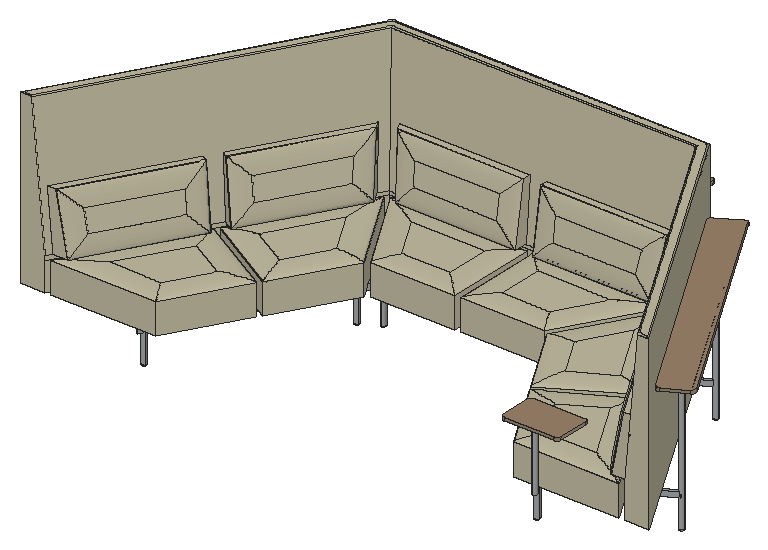
Revit family "Reveal High Back 980-173AST", category Furniture, Revit 2016
Family settings
  OmniClass Number = 23.40.20.00
  OmniClass Title = General Furniture and Specialties
  Work Plane-Based = No
  Always vertical = Yes
  Cut with Voids When Loaded = No
  Shared = No
  Room Calculation Point = No
Parameters
  URL = "http://www.martinbrattrud.com"
  Table Top [instance] = MB Wood Cherry
  SCS Certified Product = "Yes"
  Model = "Reveal 980-173AST"
  Manufacturer = "Martin Brattrud, Inc."
  Leg = none
  Keynote = "125000"
  Copyright = "© 2013 Martin Brattrud, Inc."
  Chair [instance] = none
  Back Cushion [instance] = none
  Authoring Version = "Revit Architecture 2010"
  Assembly Code = "E2020200"
Reference planes
  plane 1 "Center Front/Back": y = 0
  plane 2: z = 0
  plane 3 "Center Left/Right": x = 0
Forms (mm)
  Sweep 1, solid, material <- "Chair"
    path in 3D
      loop
        line (2035.136, -1442.448, 1365.25) -> (1013.827, 326.51, 1365.25) -> (-1013.827, 326.51, 1365.25) -> (-2035.136, -1442.448, 1365.25)
    profile origin (0, 326.51, 1365.25) x (0, -1, 0) y (0, 0, 1)
      loop
        line (-7.144, 6.35) -> (-56.78, 6.35)
        arc (-56.78, 6.35) -> (-61.27, 4.49) -> (-63.13, 0) r 6.35
        line (-63.13, 0) -> (-0.794, 0)
        arc (-0.794, 0) -> (-2.654, 4.49) -> (-7.144, 6.35) r 6.35
  Sweep 2, solid, material <- "Chair"
    path in 3D
      loop
        line (-19.05, -390.525, 431.8) -> (-19.05, 212.725, 431.8) -> (-926.137, 212.725, 431.8) -> (-577.85, -390.525, 431.8) -> (-19.05, -390.525, 431.8)
    profile origin (-298.45, -390.525, 431.8) x (0, 1, 0) y (0, 0, 1)
      loop
        line (153.194, 0) -> (153.194, 19.05)
        spline (153.194, 19.05) -> (133.302, 18.887) -> (113.75, 18.401) -> (94.873, 17.6) -> (76.994, 16.498) -> (60.419, 15.113) -> (45.431, 13.47) -> (32.287, 11.597) -> (21.211, 9.525) -> (12.395, 7.29) -> (5.987, 4.931) -> (2.098, 2.487) -> (0.794, 0)
        line (0.794, 0) -> (153.194, 0)
  Extrusion 3, void
    sketch origin (0, -938.609, 558.8) x (0, 1, 0) y (0, 0, 1)
      loop
        line (-471.831, 806.45) -> (-471.037, 806.45)
        arc (-471.037, 806.45) -> (-469.178, 810.94) -> (-464.687, 812.8) r 6.35
        line (-464.687, 812.8) -> (-464.687, 819.15) -> (-560.731, 819.15) -> (-560.731, -330.2) -> (-471.831, -330.2) -> (-471.831, 806.45)
    from -2133.6 to 2133.6
  Extrusion 4, solid, material <- "Leg"
    sketch origin (0, 0, 0) x (1, 0, 0) y (0, 1, 0)
      loop
        line (-603.25, 492.125) -> (-603.25, 146.05) -> (-909.639, 146.05) -> (-1062.833, -119.29) -> (-1362.543, 53.747) -> (-1372.068, 37.249) -> (-1072.358, -135.788) -> (-1656.558, -1147.652) -> (-1956.268, -974.615) -> (-1965.793, -991.113) -> (-1319.63, -1364.175) -> (-1333.917, -1388.922) -> (-1317.419, -1398.447) -> (-667.671, -273.05) -> (667.671, -273.05) -> (1335.829, -1430.333) -> (1352.327, -1420.808) -> (1319.63, -1364.175) -> (1965.793, -991.113) -> (1956.268, -974.615) -> (1656.558, -1147.652) -> (1072.358, -135.788) -> (1372.068, 37.249) -> (1362.543, 53.747) -> (1062.833, -119.29) -> (909.639, 146.05) -> (603.25, 146.05) -> (603.25, 492.125) -> (584.2, 492.125) -> (584.2, 146.05) -> (-584.2, 146.05) -> (-584.2, 492.125) -> (-603.25, 492.125)
      loop
        line (-584.2, -254) -> (-127, -254) -> (-127, 127) -> (-584.2, 127) -> (-584.2, -254)
      loop
        line (-603.25, -254) -> (-603.25, 127) -> (-898.64, 127) -> (-1046.335, -128.815) -> (-716.38, -319.315) -> (-678.67, -254) -> (-603.25, -254)
      loop
        line (-107.95, 127) -> (-107.95, -254) -> (107.95, -254) -> (107.95, 127) -> (-107.95, 127)
      loop
        line (584.2, -254) -> (584.2, 127) -> (127, 127) -> (127, -254) -> (584.2, -254)
      loop
        line (-725.905, -335.813) -> (-1055.86, -145.313) -> (-1284.46, -541.26) -> (-954.505, -731.76) -> (-725.905, -335.813)
      loop
        line (-1401.935, -744.733) -> (-1071.98, -935.233) -> (-964.03, -748.258) -> (-1293.985, -557.758) -> (-1401.935, -744.733)
      loop
        line (-1081.505, -951.731) -> (-1411.46, -761.231) -> (-1640.06, -1157.177) -> (-1310.105, -1347.677) -> (-1081.505, -951.731)
      loop
        line (603.25, -254) -> (678.67, -254) -> (716.38, -319.315) -> (1046.335, -128.815) -> (898.64, 127) -> (603.25, 127) -> (603.25, -254)
      loop
        line (725.905, -335.813) -> (954.505, -731.76) -> (1284.46, -541.26) -> (1055.86, -145.313) -> (725.905, -335.813)
      loop
        line (1401.935, -744.733) -> (1293.985, -557.758) -> (964.03, -748.258) -> (1071.98, -935.233) -> (1401.935, -744.733)
      loop
        line (1081.505, -951.731) -> (1310.105, -1347.677) -> (1640.06, -1157.177) -> (1411.46, -761.231) -> (1081.505, -951.731)
    from 190.472 to 228.6
  Extrusion 5, solid, material <- "Leg"
    sketch origin (0, 0, 0) x (1, 0, 0) y (0, 1, 0)
      loop
        line (-584.2, 276.225) -> (584.2, 276.225) -> (584.2, 352.425) -> (-584.2, 352.425) -> (-584.2, 276.225)
      loop
        line (-1769.293, -1082.565) -> (-1185.093, -70.701) -> (-1251.084, -32.601) -> (-1835.284, -1044.465) -> (-1769.293, -1082.565)
      loop
        line (1769.293, -1082.565) -> (1835.284, -1044.465) -> (1251.084, -32.601) -> (1185.093, -70.701) -> (1769.293, -1082.565)
    from 203.2 to 228.6
  Sweep 6, solid, material <- "Chair"
    path origin (0, 0, 0) x (1, 0, 0) y (0, 1, 0)
      loop
        line (2090.574, -1410.441) -> (1050.786, 390.525) -> (-1050.786, 390.525) -> (-2090.574, -1410.441)
    profile origin (0, 390.525, 0) x (0, -1, 0) y (0, 0, 1)
      loop
        line (0, 1365.25) -> (0, 228.6) -> (139.7, 228.6) -> (139.7, 419.466)
        arc (139.7, 419.466) -> (139.451, 431.792) -> (138.703, 444.098) r 304.8
        line (138.703, 444.098) -> (64.015, 1365.25) -> (0, 1365.25)
  Extrusion 7, solid, material <- "Chair"
    sketch origin (0, 0, 0) x (1, 0, 0) y (0, 1, 0)
      loop
        line (-1431.725, -624.881) -> (-1885.269, -1410.441) -> (-1188.696, -1410.441) -> (-909.296, -926.506) -> (-1431.725, -624.881)
      loop
        line (-610.846, -409.575) -> (-959.132, 193.675) -> (-1412.675, -591.885) -> (-890.246, -893.51) -> (-610.846, -409.575)
      loop
        line (-926.137, 212.725) -> (-577.85, -390.525) -> (-19.05, -390.525) -> (-19.05, 212.725) -> (-926.137, 212.725)
      loop
        line (1431.725, -624.881) -> (909.296, -926.506) -> (1188.696, -1410.441) -> (1885.269, -1410.441) -> (1431.725, -624.881)
      loop
        line (610.846, -409.575) -> (890.246, -893.51) -> (1412.675, -591.885) -> (959.132, 193.675) -> (610.846, -409.575)
      loop
        line (926.137, 212.725) -> (19.05, 212.725) -> (19.05, -390.525) -> (577.85, -390.525) -> (926.137, 212.725)
    from 228.6 to 431.8
  Extrusion 8, solid, material <- "Chair"
    sketch origin (0, 0, 0) x (1, 0, 0) y (0, 1, 0)
      loop
        line (-660.797, 59.531) -> (-489.404, -237.331) -> (-172.244, -237.331) -> (-172.244, 59.531) -> (-660.797, 59.531)
    from 431.8 to 450.85
  Sweep 9, solid, material <- "Chair"
    path in 3D
      loop
        line (19.05, -390.525, 431.8) -> (19.05, 212.725, 431.8) -> (926.137, 212.725, 431.8) -> (577.85, -390.525, 431.8) -> (19.05, -390.525, 431.8)
    profile origin (298.45, -390.525, 431.8) x (0, -1, 0) y (0, 0, 1)
      loop
        line (-153.194, 0) -> (-0.794, 0)
        spline (-0.794, 0) -> (-2.098, 2.487) -> (-5.987, 4.931) -> (-12.395, 7.29) -> (-21.211, 9.525) -> (-32.287, 11.597) -> (-45.431, 13.47) -> (-60.419, 15.113) -> (-76.994, 16.498) -> (-94.873, 17.6) -> (-113.75, 18.401) -> (-133.302, 18.887) -> (-153.194, 19.05)
        line (-153.194, 19.05) -> (-153.194, 0)
  Extrusion 10, solid, material <- "Chair"
    sketch origin (0, 0, 0) x (-1, 0, 0) y (0, -1, 0)
      loop
        line (-660.797, -59.531) -> (-172.244, -59.531) -> (-172.244, 237.331) -> (-489.404, 237.331) -> (-660.797, -59.531)
    from 431.8 to 450.85
  Sweep 11, solid, material <- "Chair"
    path in 3D
      loop
        line (-909.296, -926.506, 431.8) -> (-1431.725, -624.881, 431.8) -> (-1885.269, -1410.441, 431.8) -> (-1188.696, -1410.441, 431.8) -> (-909.296, -926.506, 431.8)
    profile origin (-1048.996, -1168.473, 431.8) x (-0.866025, 0.5, 0) y (0, 0, 1)
      loop
        line (153.194, 0) -> (153.194, 19.05)
        spline (153.194, 19.05) -> (133.302, 18.887) -> (113.75, 18.401) -> (94.873, 17.6) -> (76.994, 16.498) -> (60.419, 15.113) -> (45.431, 13.47) -> (32.287, 11.597) -> (21.211, 9.525) -> (12.395, 7.29) -> (5.987, 4.931) -> (2.098, 2.487) -> (0.794, 0)
        line (0.794, 0) -> (153.194, 0)
  Extrusion 12, solid, material <- "Chair"
    sketch origin (-1237.975, -714.745, 0) x (0.5, 0.866025, 0) y (-0.866025, 0.5, 0)
      loop
        line (-660.797, 59.531) -> (-489.404, -237.331) -> (-172.244, -237.331) -> (-172.244, 59.531) -> (-660.797, 59.531)
    from 431.8 to 450.85
  Sweep 13, solid, material <- "Chair"
    path in 3D
      loop
        line (-890.246, -893.51, 431.8) -> (-1412.675, -591.885, 431.8) -> (-959.132, 193.675, 431.8) -> (-610.846, -409.575, 431.8) -> (-890.246, -893.51, 431.8)
    profile origin (-750.546, -651.542, 431.8) x (0.866025, -0.5, 0) y (0, 0, 1)
      loop
        line (-153.194, 0) -> (-0.794, 0)
        spline (-0.794, 0) -> (-2.098, 2.487) -> (-5.987, 4.931) -> (-12.395, 7.29) -> (-21.211, 9.525) -> (-32.287, 11.597) -> (-45.431, 13.47) -> (-60.419, 15.113) -> (-76.994, 16.498) -> (-94.873, 17.6) -> (-113.75, 18.401) -> (-133.302, 18.887) -> (-153.194, 19.05)
        line (-153.194, 19.05) -> (-153.194, 0)
  Extrusion 14, solid, material <- "Chair"
    sketch origin (-1237.975, -714.745, 0) x (-0.5, -0.866025, 0) y (0.866025, -0.5, 0)
      loop
        line (-660.797, -59.531) -> (-172.244, -59.531) -> (-172.244, 237.331) -> (-489.404, 237.331) -> (-660.797, -59.531)
    from 431.8 to 450.85
  Sweep 15, solid, material <- "Chair"
    path in 3D
      loop
        line (909.296, -926.506, 431.8) -> (1431.725, -624.881, 431.8) -> (1885.269, -1410.441, 431.8) -> (1188.696, -1410.441, 431.8) -> (909.296, -926.506, 431.8)
    profile origin (1048.996, -1168.473, 431.8) x (-0.866025, -0.5, 0) y (0, 0, 1)
      loop
        line (-153.194, 0) -> (-0.794, 0)
        spline (-0.794, 0) -> (-2.098, 2.487) -> (-5.987, 4.931) -> (-12.395, 7.29) -> (-21.211, 9.525) -> (-32.287, 11.597) -> (-45.431, 13.47) -> (-60.419, 15.113) -> (-76.994, 16.498) -> (-94.873, 17.6) -> (-113.75, 18.401) -> (-133.302, 18.887) -> (-153.194, 19.05)
        line (-153.194, 19.05) -> (-153.194, 0)
  Extrusion 16, solid, material <- "Chair"
    sketch origin (1237.975, -714.745, 0) x (-0.5, 0.866025, 0) y (-0.866025, -0.5, 0)
      loop
        line (-660.797, -59.531) -> (-172.244, -59.531) -> (-172.244, 237.331) -> (-489.404, 237.331) -> (-660.797, -59.531)
    from 431.8 to 450.85
  Sweep 17, solid, material <- "Chair"
    path in 3D
      loop
        line (890.246, -893.51, 431.8) -> (1412.675, -591.885, 431.8) -> (959.132, 193.675, 431.8) -> (610.846, -409.575, 431.8) -> (890.246, -893.51, 431.8)
    profile origin (750.546, -651.542, 431.8) x (0.866025, 0.5, 0) y (0, 0, 1)
      loop
        line (153.194, 0) -> (153.194, 19.05)
        spline (153.194, 19.05) -> (133.302, 18.887) -> (113.75, 18.401) -> (94.873, 17.6) -> (76.994, 16.498) -> (60.419, 15.113) -> (45.431, 13.47) -> (32.287, 11.597) -> (21.211, 9.525) -> (12.395, 7.29) -> (5.987, 4.931) -> (2.098, 2.487) -> (0.794, 0)
        line (0.794, 0) -> (153.194, 0)
  Extrusion 18, solid, material <- "Chair"
    sketch origin (1237.975, -714.745, 0) x (0.5, -0.866025, 0) y (0.866025, 0.5, 0)
      loop
        line (-660.797, 59.531) -> (-489.404, -237.331) -> (-172.244, -237.331) -> (-172.244, 59.531) -> (-660.797, 59.531)
    from 431.8 to 450.85
  Sweep 19, solid, material <- "Chair"
    path origin (0, 0, 0) x (1, 0, 0) y (0, 1, 0)
      loop
        line (-1965.11, -1372.341) -> (-999.053, 300.919) -> (999.053, 300.919) -> (1965.11, -1372.341)
    profile origin (0, 300.919, 0) x (0, 1, 0) y (0, 0, 1)
      loop
        line (-48.848, 447.17) -> (-16.628, 844.552) -> (-67.428, 844.552) -> (-136.165, 447.17) -> (-48.848, 447.17)
  Extrusion 20, void
    sketch origin (0, 0, 0) x (1, 0, 0) y (0, 1, 0)
      loop
        line (-1527.154, -613.779) -> (-1401.282, -686.451) -> (-1344.132, -587.464) -> (-1470.004, -514.792) -> (-1527.154, -613.779)
      loop
        line (-930.152, 67.28) -> (-831.165, 124.43) -> (-950.632, 331.352) -> (-1049.618, 274.202) -> (-930.152, 67.28)
      loop
        line (-1797.28, -1372.341) -> (-1968.73, -1372.341) -> (-1968.73, -1467.591) -> (-1797.28, -1467.591) -> (-1797.28, -1372.341)
      loop
        line (1527.154, -613.779) -> (1470.004, -514.792) -> (1344.132, -587.464) -> (1401.282, -686.451) -> (1527.154, -613.779)
      loop
        line (930.152, 67.28) -> (1049.618, 274.202) -> (950.632, 331.352) -> (831.165, 124.43) -> (930.152, 67.28)
      loop
        line (1797.28, -1372.341) -> (1797.28, -1467.591) -> (1968.73, -1467.591) -> (1968.73, -1372.341) -> (1797.28, -1372.341)
      loop
        line (-57.15, 300.919) -> (-57.15, 155.575) -> (57.15, 155.575) -> (57.15, 300.919) -> (-57.15, 300.919)
    from 447.17 to 844.552
  Sweep 21, solid, material <- "Chair"
    path in 3D
      loop
        line (-894.132, 233.491, 844.552) -> (-854.447, 164.755, 447.17) -> (-57.15, 164.755, 447.17) -> (-57.15, 233.491, 844.552) -> (-894.132, 233.491, 844.552)
    profile origin (-475.641, 233.491, 844.552) x (0, -1, 0) y (0, 0, 1)
      loop
        line (0.135, -0.782) -> (25.975, -150.17) -> (41.618, -147.464) -> (37.424, -123.218)
        spline (37.424, -123.218) -> (34.465, -106.907) -> (31.289, -90.921) -> (27.95, -75.534) -> (24.505, -61.01) -> (21.014, -47.596) -> (17.536, -35.522) -> (14.131, -24.995) -> (10.857, -16.195) -> (7.769, -9.273) -> (4.921, -4.346) -> (2.362, -1.5) -> (0.135, -0.782)
  Sweep 22, solid, material <- "Chair"
    path in 3D
      loop
        line (209.55, 190.73, 597.34) -> (209.55, 175.088, 600.046)
    profile origin (209.55, 182.909, 598.693) x (0, -0.170442, -0.985368) y (1, 0, 0)
      loop
        line (0, 0) -> (0, 506.758) -> (-98.483, 516.449) -> (-98.483, 0) -> (0, 0)
  Sweep 23, solid, material <- "Chair"
    path in 3D
      loop
        line (-1298.377, -437.905, 597.34) -> (-1284.83, -445.726, 600.046)
    profile origin (-1291.604, -441.815, 598.693) x (0.147607, -0.085221, -0.985368) y (0.5, 0.866025, 0)
      loop
        line (0, 0) -> (0, 506.758) -> (-98.483, 516.449) -> (-98.483, 0) -> (0, 0)
  Sweep 24, solid, material <- "Chair"
    path in 3D
      loop
        line (1284.83, -445.726, 600.046) -> (1298.377, -437.905, 597.34)
    profile origin (1291.604, -441.815, 598.693) x (-0.147607, -0.085221, -0.985368) y (-0.5, 0.866025, 0)
      loop
        line (0, 0) -> (0, 506.758) -> (-98.483, 516.449) -> (-98.483, 0) -> (0, 0)
  Sweep 25, solid, material <- "Chair"
    path in 3D
      loop
        line (-209.55, 190.73, 597.34) -> (-209.55, 175.088, 600.046)
    profile origin (-209.55, 182.909, 598.693) x (0, 0.170442, 0.985368) y (-1, 0, 0)
      loop
        line (0, 0) -> (98.483, 0) -> (98.483, 516.449) -> (0, 506.758) -> (0, 0)
  Sweep 26, solid, material <- "Chair"
    path in 3D
      loop
        line (-1507.927, -800.856, 597.34) -> (-1494.38, -808.677, 600.046)
    profile origin (-1501.154, -804.766, 598.693) x (0, 0.326935, 0.945047) y (-0.521333, -0.806459, 0.278991)
      loop
        line (0, 0) -> (94.453, 27.884) -> (-51.772, 523.2) -> (-143.48, 486.021) -> (0, 0)
  Sweep 27, solid, material <- "Chair"
    path in 3D
      loop
        line (1507.927, -800.856, 597.34) -> (1494.38, -808.677, 600.046)
    profile origin (1501.154, -804.766, 598.693) x (0, -0.326935, -0.945047) y (0.521333, -0.806459, 0.278991)
      loop
        line (0, 0) -> (143.48, 486.021) -> (51.772, 523.2) -> (-94.453, 27.884) -> (0, 0)
  Sweep 28, solid, material <- "Chair"
    path in 3D
      loop
        line (894.132, 233.491, 844.552) -> (854.447, 164.755, 447.17) -> (57.15, 164.755, 447.17) -> (57.15, 233.491, 844.552) -> (894.132, 233.491, 844.552)
    profile origin (475.641, 233.491, 844.552) x (0, 1, 0) y (0, 0, 1)
      loop
        spline (-0.135, -0.782) -> (-2.362, -1.5) -> (-4.921, -4.346) -> (-7.769, -9.273) -> (-10.857, -16.195) -> (-14.131, -24.995) -> (-17.536, -35.522) -> (-21.014, -47.596) -> (-24.505, -61.01) -> (-27.95, -75.534) -> (-31.289, -90.921) -> (-34.465, -106.907) -> (-37.424, -123.218)
        line (-37.424, -123.218) -> (-41.618, -147.464) -> (-25.975, -150.17) -> (-0.135, -0.782)
  Sweep 29, solid, material <- "Chair"
    path in 3D
      loop
        line (-1887.25, -1372.341, 844.552) -> (-1807.881, -1372.341, 447.17) -> (-1409.232, -681.861, 447.17) -> (-1468.759, -647.493, 844.552) -> (-1887.25, -1372.341, 844.552)
    profile origin (-1678.005, -1009.917, 844.552) x (0.866025, -0.5, 0) y (0, 0, 1)
      loop
        line (0.135, -0.782) -> (25.975, -150.17) -> (41.618, -147.464) -> (37.424, -123.218)
        spline (37.424, -123.218) -> (34.465, -106.907) -> (31.289, -90.921) -> (27.95, -75.534) -> (24.505, -61.01) -> (21.014, -47.596) -> (17.536, -35.522) -> (14.131, -24.995) -> (10.857, -16.195) -> (7.769, -9.273) -> (4.921, -4.346) -> (2.362, -1.5) -> (0.135, -0.782)
  Sweep 30, solid, material <- "Chair"
    path in 3D
      loop
        line (-993.119, 176.341, 844.552) -> (-953.434, 107.605, 447.17) -> (-1352.082, -582.874, 447.17) -> (-1411.609, -548.506, 844.552) -> (-993.119, 176.341, 844.552)
    profile origin (-1202.364, -186.083, 844.552) x (-0.866025, 0.5, 0) y (0, 0, 1)
      loop
        spline (-0.135, -0.782) -> (-2.362, -1.5) -> (-4.921, -4.346) -> (-7.769, -9.273) -> (-10.857, -16.195) -> (-14.131, -24.995) -> (-17.536, -35.522) -> (-21.014, -47.596) -> (-24.505, -61.01) -> (-27.95, -75.534) -> (-31.289, -90.921) -> (-34.465, -106.907) -> (-37.424, -123.218)
        line (-37.424, -123.218) -> (-41.618, -147.464) -> (-25.975, -150.17) -> (-0.135, -0.782)
  Sweep 31, solid, material <- "Chair"
    path in 3D
      loop
        line (993.119, 176.341, 844.552) -> (953.434, 107.605, 447.17) -> (1352.082, -582.874, 447.17) -> (1411.609, -548.506, 844.552) -> (993.119, 176.341, 844.552)
    profile origin (1202.364, -186.083, 844.552) x (-0.866025, -0.5, 0) y (0, 0, 1)
      loop
        line (0.135, -0.782) -> (25.975, -150.17) -> (41.618, -147.464) -> (37.424, -123.218)
        spline (37.424, -123.218) -> (34.465, -106.907) -> (31.289, -90.921) -> (27.95, -75.534) -> (24.505, -61.01) -> (21.014, -47.596) -> (17.536, -35.522) -> (14.131, -24.995) -> (10.857, -16.195) -> (7.769, -9.273) -> (4.921, -4.346) -> (2.362, -1.5) -> (0.135, -0.782)
  Sweep 32, solid, material <- "Chair"
    path in 3D
      loop
        line (1887.25, -1372.341, 844.552) -> (1807.881, -1372.341, 447.17) -> (1409.232, -681.861, 447.17) -> (1468.759, -647.493, 844.552) -> (1887.25, -1372.341, 844.552)
    profile origin (1678.005, -1009.917, 844.552) x (0.866025, 0.5, 0) y (0, 0, 1)
      loop
        spline (-0.135, -0.782) -> (-2.362, -1.5) -> (-4.921, -4.346) -> (-7.769, -9.273) -> (-10.857, -16.195) -> (-14.131, -24.995) -> (-17.536, -35.522) -> (-21.014, -47.596) -> (-24.505, -61.01) -> (-27.95, -75.534) -> (-31.289, -90.921) -> (-34.465, -106.907) -> (-37.424, -123.218)
        line (-37.424, -123.218) -> (-41.618, -147.464) -> (-25.975, -150.17) -> (-0.135, -0.782)
  Extrusion 33, solid, material "MB Wood Cherry" <- "Table Top"
    sketch origin (0, 0, 0) x (1, 0, 0) y (0, 1, 0)
      loop
        line (-1331.241, 361.964) -> (-2217.066, -1172.33)
        arc (-2217.066, -1172.33) -> (-2219.603, -1191.604) -> (-2207.769, -1207.027) r 25.4
        line (-2207.769, -1207.027) -> (-2064.788, -1289.577)
        arc (-2064.788, -1289.577) -> (-2045.514, -1292.114) -> (-2030.091, -1280.28) r 25.4
        line (-2030.091, -1280.28) -> (-1144.266, 254.014)
        arc (-1144.266, 254.014) -> (-1141.728, 273.288) -> (-1153.563, 288.711) r 25.4
        line (-1153.563, 288.711) -> (-1296.544, 371.261)
        arc (-1296.544, 371.261) -> (-1315.818, 373.799) -> (-1331.241, 361.964) r 25.4
      loop
        line (885.825, 619.125) -> (-885.825, 619.125)
        arc (-885.825, 619.125) -> (-903.786, 611.686) -> (-911.225, 593.725) r 25.4
        line (-911.225, 593.725) -> (-911.225, 428.625)
        arc (-911.225, 428.625) -> (-903.786, 410.664) -> (-885.825, 403.225) r 25.4
        line (-885.825, 403.225) -> (885.825, 403.225)
        arc (885.825, 403.225) -> (903.786, 410.664) -> (911.225, 428.625) r 25.4
        line (911.225, 428.625) -> (911.225, 593.725)
        arc (911.225, 593.725) -> (903.786, 611.686) -> (885.825, 619.125) r 25.4
      loop
        line (2217.066, -1172.33) -> (1331.241, 361.964)
        arc (1331.241, 361.964) -> (1315.818, 373.799) -> (1296.544, 371.261) r 25.4
        line (1296.544, 371.261) -> (1153.563, 288.711)
        arc (1153.563, 288.711) -> (1141.728, 273.288) -> (1144.266, 254.014) r 25.4
        line (1144.266, 254.014) -> (2030.091, -1280.28)
        arc (2030.091, -1280.28) -> (2045.514, -1292.114) -> (2064.788, -1289.577) r 25.4
        line (2064.788, -1289.577) -> (2207.769, -1207.027)
        arc (2207.769, -1207.027) -> (2219.603, -1191.604) -> (2217.066, -1172.33) r 25.4
    from 990.6 to 1009.65
  Extrusion 34, solid, material <- "Leg"
    sketch origin (0, 0, 0) x (1, 0, 0) y (0, 1, 0)
      loop
        line (603.25, 492.125) -> (584.2, 492.125) -> (584.2, 389.64) -> (603.25, 389.64) -> (603.25, 492.125)
      loop
        line (-603.25, 492.125) -> (-603.25, 389.64) -> (-584.2, 389.64) -> (-584.2, 492.125) -> (-603.25, 492.125)
      loop
        line (-1362.543, 53.747) -> (-1372.068, 37.249) -> (-1283.313, -13.993) -> (-1273.788, 2.504) -> (-1362.543, 53.747)
      loop
        line (-1965.793, -991.113) -> (-1877.038, -1042.355) -> (-1867.513, -1025.858) -> (-1956.268, -974.615) -> (-1965.793, -991.113)
      loop
        line (1362.543, 53.747) -> (1273.788, 2.504) -> (1283.313, -13.993) -> (1372.068, 37.249) -> (1362.543, 53.747)
      loop
        line (1965.793, -991.113) -> (1956.268, -974.615) -> (1867.513, -1025.858) -> (1877.038, -1042.355) -> (1965.793, -991.113)
    from 949.325 to 987.425
  Extrusion 35, solid, material <- "Leg"
    sketch origin (0, 0, 0) x (1, 0, 0) y (0, 1, 0)
      loop
        line (885.825, 593.725) -> (-885.825, 593.725) -> (-885.825, 428.625) -> (885.825, 428.625) -> (885.825, 593.725)
      loop
        line (-1309.244, 349.264) -> (-2195.069, -1185.03) -> (-2052.088, -1267.58) -> (-1166.263, 266.714) -> (-1309.244, 349.264)
      loop
        line (1309.244, 349.264) -> (1166.263, 266.714) -> (2052.088, -1267.58) -> (2195.069, -1185.03) -> (1309.244, 349.264)
    from 987.434 to 990.609
  Extrusion 36, solid, material <- "Leg"
    sketch origin (1607.996, -718.291, 0) x (0, -1, 0) y (1, 0, 0)
      loop
        circle (708.025, -263.525) r 15.875
    from 190.472 to 634.994
  Extrusion 37, solid, material "MB Wood Cherry" <- "Table Top"
    sketch origin (1887.809, -621.758, 0) x (0, -1, 0) y (1, 0, 0)
      loop
        line (702.957, -670.338) -> (906.157, -670.338)
        arc (906.157, -670.338) -> (924.118, -662.899) -> (931.557, -644.938) r 25.4
        line (931.557, -644.938) -> (931.557, -314.738)
        arc (931.557, -314.738) -> (924.118, -296.778) -> (906.157, -289.338) r 25.4
        line (906.157, -289.338) -> (702.957, -289.338)
        arc (702.957, -289.338) -> (684.997, -296.778) -> (677.557, -314.738) r 25.4
        line (677.557, -314.738) -> (677.557, -644.938)
        arc (677.557, -644.938) -> (684.997, -662.899) -> (702.957, -670.338) r 25.4
    from 641.351 to 660.401
Cuts and joins
  Extrusion 3 cuts Sweep 6
  Extrusion 3 cuts Sweep 1
  Extrusion 20 cuts Sweep 19
  joined: Sweep 15, Extrusion 16
  joined: Sweep 17, Extrusion 18
  joined: Sweep 9, Extrusion 10
  joined: Sweep 2, Extrusion 8
  joined: Sweep 13, Extrusion 14
  joined: Sweep 11, Extrusion 12
  joined: Sweep 26, Sweep 29
  joined: Sweep 23, Sweep 30
  joined: Sweep 21, Sweep 25
  joined: Sweep 22, Sweep 28
  joined: Sweep 24, Sweep 31
  joined: Sweep 27, Sweep 32
Lines and regions (mm)
  sketch lines
    curve 1: line (1013.827, 326.51, 1365.25) -> (-1013.827, 326.51, 1365.25)
    curve 2: line (-1013.827, 326.51, 1365.25) -> (-2035.136, -1442.448, 1365.25)
    curve 3: line (2035.136, -1442.448, 1365.25) -> (1013.827, 326.51, 1365.25)
    curve 4: line (-577.85, -390.525, 431.8) -> (-19.05, -390.525, 431.8)
    curve 5: line (-926.137, 212.725, 431.8) -> (-577.85, -390.525, 431.8)
    curve 6: line (-19.05, 212.725, 431.8) -> (-926.137, 212.725, 431.8)
    curve 7: line (-19.05, -390.525, 431.8) -> (-19.05, 212.725, 431.8)
    curve 8: line (577.85, -390.525, 431.8) -> (19.05, -390.525, 431.8)
    curve 9: line (926.137, 212.725, 431.8) -> (577.85, -390.525, 431.8)
    curve 10: line (19.05, 212.725, 431.8) -> (926.137, 212.725, 431.8)
    curve 11: line (19.05, -390.525, 431.8) -> (19.05, 212.725, 431.8)
    curve 12: line (-1188.696, -1410.441, 431.8) -> (-909.296, -926.506, 431.8)
    curve 13: line (-1885.269, -1410.441, 431.8) -> (-1188.696, -1410.441, 431.8)
    curve 14: line (-1431.725, -624.881, 431.8) -> (-1885.269, -1410.441, 431.8)
    curve 15: line (-909.296, -926.506, 431.8) -> (-1431.725, -624.881, 431.8)
    curve 16: line (-610.846, -409.575, 431.8) -> (-890.246, -893.51, 431.8)
    curve 17: line (-959.132, 193.675, 431.8) -> (-610.846, -409.575, 431.8)
    curve 18: line (-1412.675, -591.885, 431.8) -> (-959.132, 193.675, 431.8)
    curve 19: line (-890.246, -893.51, 431.8) -> (-1412.675, -591.885, 431.8)
    curve 20: line (1188.696, -1410.441, 431.8) -> (909.296, -926.506, 431.8)
    curve 21: line (1885.269, -1410.441, 431.8) -> (1188.696, -1410.441, 431.8)
    curve 22: line (1431.725, -624.881, 431.8) -> (1885.269, -1410.441, 431.8)
    curve 23: line (909.296, -926.506, 431.8) -> (1431.725, -624.881, 431.8)
    curve 24: line (610.846, -409.575, 431.8) -> (890.246, -893.51, 431.8)
    curve 25: line (959.132, 193.675, 431.8) -> (610.846, -409.575, 431.8)
    curve 26: line (1412.675, -591.885, 431.8) -> (959.132, 193.675, 431.8)
    curve 27: line (890.246, -893.51, 431.8) -> (1412.675, -591.885, 431.8)
    curve 28: line (-57.15, 233.491, 844.552) -> (-894.132, 233.491, 844.552)
    curve 29: line (-854.447, 164.755, 447.17) -> (-894.132, 233.491, 844.552)
    curve 30: line (-57.15, 164.755, 447.17) -> (-854.447, 164.755, 447.17)
    curve 31: line (-57.15, 233.491, 844.552) -> (-57.15, 164.755, 447.17)
    curve 32: line (209.55, 190.73, 597.34) -> (209.55, 175.088, 600.046)
    curve 33: line (-1298.377, -437.905, 597.34) -> (-1284.83, -445.726, 600.046)
    curve 34: line (1284.83, -445.726, 600.046) -> (1298.377, -437.905, 597.34)
    curve 35: line (-209.55, 190.73, 597.34) -> (-209.55, 175.088, 600.046)
    curve 36: line (-1507.927, -800.856, 597.34) -> (-1494.38, -808.677, 600.046)
    curve 37: line (1507.927, -800.856, 597.34) -> (1494.38, -808.677, 600.046)
    curve 38: line (57.15, 233.491, 844.552) -> (894.132, 233.491, 844.552)
    curve 39: line (854.447, 164.755, 447.17) -> (894.132, 233.491, 844.552)
    curve 40: line (57.15, 164.755, 447.17) -> (854.447, 164.755, 447.17)
    curve 41: line (57.15, 233.491, 844.552) -> (57.15, 164.755, 447.17)
    curve 42: line (-1468.759, -647.493, 844.552) -> (-1887.25, -1372.341, 844.552)
    curve 43: line (-1807.881, -1372.341, 447.17) -> (-1887.25, -1372.341, 844.552)
    curve 44: line (-1409.232, -681.861, 447.17) -> (-1807.881, -1372.341, 447.17)
    curve 45: line (-1468.759, -647.493, 844.552) -> (-1409.232, -681.861, 447.17)
    curve 46: line (-1411.609, -548.506, 844.552) -> (-993.119, 176.341, 844.552)
    curve 47: line (-953.434, 107.605, 447.17) -> (-993.119, 176.341, 844.552)
    curve 48: line (-1352.082, -582.874, 447.17) -> (-953.434, 107.605, 447.17)
    curve 49: line (-1411.609, -548.506, 844.552) -> (-1352.082, -582.874, 447.17)
    curve 50: line (1411.609, -548.506, 844.552) -> (993.119, 176.341, 844.552)
    curve 51: line (953.434, 107.605, 447.17) -> (993.119, 176.341, 844.552)
    curve 52: line (1352.082, -582.874, 447.17) -> (953.434, 107.605, 447.17)
    curve 53: line (1411.609, -548.506, 844.552) -> (1352.082, -582.874, 447.17)
    curve 54: line (1468.759, -647.493, 844.552) -> (1887.25, -1372.341, 844.552)
    curve 55: line (1807.881, -1372.341, 447.17) -> (1887.25, -1372.341, 844.552)
    curve 56: line (1409.232, -681.861, 447.17) -> (1807.881, -1372.341, 447.17)
    curve 57: line (1468.759, -647.493, 844.552) -> (1409.232, -681.861, 447.17)
Nested families
  nested 1: "Reveal Leg" at (593.677, -263.525, 0) x (-1, 0, 0) z (0, 0, 1), type "Reveal Leg"
  nested 2: "Reveal Leg" at (-593.677, -263.525, 0), type "Reveal Leg"
  nested 3: "Reveal Leg" at (-712.917, -332.368, 0) x (-0.5, -0.866, 0) z (0, 0, 1), type "Reveal Leg"
  nested 4: "Reveal Leg" at (-1306.594, -1360.647, 0) x (0.5, 0.866, 0) z (0, 0, 1), type "Reveal Leg"
  nested 5: "Reveal Leg" at (712.917, -332.368, 0) x (0.5, -0.866, 0) z (0, 0, 1), type "Reveal Leg"
  nested 6: "Reveal Leg" at (1306.594, -1360.647, 0) x (-0.5, 0.866, 0) z (0, 0, 1), type "Reveal Leg"
  nested 7: "Reveal Leg LAFS" at (593.725, 495.3, 0), type "Reveal Leg"
  nested 8: "Reveal Leg LAFS" at (-593.725, 495.3, 0) x (-1, 0, 0) z (0, 0, 1), type "Reveal Leg"
  nested 9: "Reveal Leg LAFS" at (-1370.055, 47.086, 0) x (0.5, 0.866, 0) z (0, 0, 1), type "Reveal Leg"
  nested 10: "Reveal Leg LAFS" at (-1963.78, -981.276, 0) x (-0.5, -0.866, 0) z (0, 0, 1), type "Reveal Leg"
  nested 11: "Reveal Leg LAFS" at (1370.055, 47.086, 0) x (-0.5, 0.866, 0) z (0, 0, 1), type "Reveal Leg"
  nested 12: "Reveal Leg LAFS" at (1963.78, -981.276, 0) x (0.5, -0.866, 0) z (0, 0, 1), type "Reveal Leg"
Definition of nested family "Reveal Leg"
  Parameters
    URL = "http://www.martinbrattrud.com"
    SCS Certified Product = ""
    Model = ""
    Leg = none
    Manufacturer = "Martin Brattrud, Inc."
    Keynote = "125000"
    Copyright = "© 2013 Martin Brattrud, Inc."
    Authoring Version = "Revit Architecture 2010"
    Assembly Code = "E2020200"
  Reference planes
    plane 1 "Center Front/Back": y = 0
    plane 2: z = 0
    plane 3 "Center Left/Right": x = 0
    plane 4: z = 228.6
  Forms (mm)
    Revolve 1, solid, material <- "Leg"
      sketch origin (0, 0, 0) x (0, 1, 0) y (0, 0, 1)
        loop
          line (0, 228.6) -> (-15.875, 228.6) -> (-15.875, 6.35) -> (-6.35, 6.35) -> (-6.35, 3.175) -> (-15.875, 3.175) -> (-15.875, 0) -> (0, 0) -> (0, 228.6)
        axis (0, 228.6) -> (0, 0)
      angle from 0 to 360
Definition of nested family "Reveal Leg LAFS"
  Parameters
    URL = "http://www.martinbrattrud.com"
    SCS Certified Product = ""
    Model = ""
    Leg = none
    Manufacturer = "Martin Brattrud, Inc."
    Keynote = "125000"
    Copyright = "© 2013 Martin Brattrud, Inc."
    Authoring Version = "Revit Architecture 2010"
    Assembly Code = "E2020200"
  Reference planes
    plane 1 "Center Front/Back": y = 0
    plane 2: z = 0
    plane 3 "Center Left/Right": x = 0
  Forms (mm)
    Revolve 1, solid, material <- "Leg"
      sketch origin (0, 0, 0) x (0, 1, 0) y (0, 0, 1)
        loop
          line (0, 987.425) -> (-15.875, 987.425) -> (-15.875, 6.35) -> (-6.35, 6.35) -> (-6.35, 3.175) -> (-15.875, 3.175) -> (-15.875, 0) -> (0, 0) -> (0, 987.425)
        axis (0, 987.425) -> (0, 0)
      angle from 0 to 360
